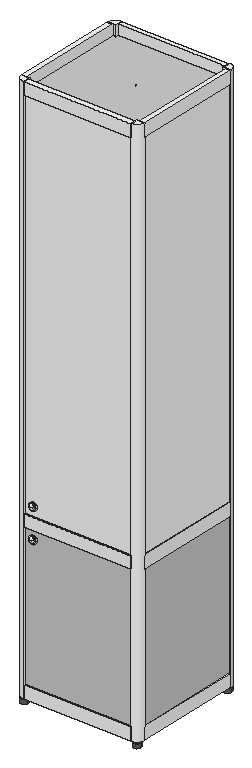
Revit family "Magnuson-Pictor-Showcase_Botto_Case", category Furniture, Revit 2014
Parameters (values of type "VA040K")
  Width = 15 3/4"
  URL = "https://magnusongroup.com/products.html"
  Type Comments = "PICTOR SHOWCASES"  # constant formula
  Shelf Finish = MAG - Glass
  Shelf Depth = Depth - 1 1/4"  # 14 1/2"
  Shelf Array Dist = (Height - 22 3/64" - 1 37/64" + 3/16") / (# of Shelf + 1)  # 12 7/128"
  Light Finish = MAG - Plastic Black
  Light Dist = if(Depth > 20", Depth / 4, Depth / 2)  # 7 7/8"
  Light Array Dist = if(Depth > 20", Depth / 2, 0")  # 0"
  Handle Finish = MAG - Powdercoat White
  Frame Finish = MAG - Powdercoat White
  Salvage or Reuse = yes
  Percentage of Recycled Content = 0
  Model = "VA040K"
  Manufacturer = "MAGNUSON GROUP"  # constant formula
  Low Emitting Material = yes
  Low Emitting Finish = yes
  Keynote = "12500"
  Height = 71 21/32"
  Top Finish = MAG - Aluminum
  Description = "15\"W X 15\"D Showcase"
  Depth = 15 3/4"
  Glides Finish = MAG - Plastic Black
  Top Chasis Finish = MAG - Glass
  Bottom Finish = MAG - Aluminum
  Bottom Chasis Finish = MAG - Aluminum
  Back Handle = if(Depth > 25", 2 > 1, 1 > 2)  # no
  Assembly Code = "E2020200"
  # of Shelf = 3
Types (6): name | Width | Shelf Depth | Light Dist | Light Array Dist | Model | Description | Depth | Back Handle
  (no name) | 15 3/4" | 14 1/2" | 7 7/8" | 0" | "VA040K" | "15\"W X 15\"D Showcase" | 15 3/4" | no
  VA040K | 15 3/4" | 14 1/2" | 7 7/8" | 0" | "VA040K" | "15\"W X 15\"D Showcase" | 15 3/4" | no
  VA050K | 19 11/16" | 18 7/16" | 9 27/32" | 0" | "VA050K" | "15\"W X 20\"D Showcase" | 19 11/16" | no
  VA060K | 15 3/4" | 22 3/8" | 5 29/32" | 11 13/16" | "VA060K" | "15\"W X 31\"D Showcase" | 23 5/8" | no
  VA080K | 15 3/4" | 30 1/4" | 7 7/8" | 15 3/4" | "VA080K" | "15\"W X 31\"D Showcase" | 31 1/2" | yes
  VA0100K | 15 3/4" | 38 1/8" | 9 27/32" | 19 11/16" | "VA0100K" | "15\"W X 40\"D Showcase" | 39 3/8" | yes
Reference planes (in)
  plane 1 "Center Front/Back": y = 0
  plane 2: z = 0
  plane 3 "Center Left/Right": x = 0
  plane 4: x = 15.75
  plane 5: y = -15.75
  plane 6: x = 0.625
  plane 7: x = 15.125
  plane 8: y = -15.125
  plane 9: y = -0.625
  plane 10: x = 1
  plane 11: y = -1
  plane 12: x = 14.75
  plane 13: y = -14.75
  plane 14: z = 0.78125
  plane 15: z = 0.4375
  plane 16: z = 2.35937
  plane 17: z = 71.65625
  plane 18: z = 70.07812
  plane 19: x = 0.17188
  plane 20: x = 15.57813
  plane 21: y = -15.57812
  plane 22: x = 0.35938
  plane 23: y = -15.39063
  plane 24: x = 15.39063
  plane 25: y = -0.625
  plane 26: z = 70.39062
  plane 27: z = 2.04687
  plane 28: z = 23.15857
  plane 29: x = 2.10938
  plane 30: x = 7.875
  plane 31: y = -7.875
  plane 32: y = -0.17187
  plane 33: y = -0.35937
  plane 34: z = 22.04687
  plane 35: z = 20.46875
  plane 36: z = 21.73437
  plane 37: z = 20.78125
  plane 38: z = 19.35937
  plane 39: y = -7.875
  plane 40: z = 70.23437
  plane 41: y = -7.875
  plane 42: z = 33.91406
  plane 43: z = 34.10156
  plane 44: z = 45.96875
  plane 45: z = 46.15625
  plane 46: z = 58.02344
  plane 47: z = 58.21094
Forms (in)
  Extrusion 1, solid, material "MAG - Powdercoat White" <- "Frame Finish"
    sketch origin (0, 0, 0) x (1, 0, 0) y (0, 1, 0)
      loop
        line (1, -1) -> (1, 0)
        arc (1, 0) -> (0.29289, -0.29289) -> (0, -1) r 1
        line (0, -1) -> (1, -1)
    from 0.78125 to 71.65625
  Extrusion 2, solid, material "MAG - Powdercoat White" <- "Frame Finish"
    sketch origin (0, 0, 0) x (1, 0, 0) y (0, 1, 0)
      loop
        line (14.75, 0) -> (14.75, -1) -> (15.75, -1)
        arc (15.75, -1) -> (15.45711, -0.29289) -> (14.75, 0) r 1
    from 0.78125 to 71.65625
  Extrusion 3, solid, material "MAG - Powdercoat White" <- "Frame Finish"
    sketch origin (0, 0, 0) x (1, 0, 0) y (0, 1, 0)
      loop
        line (1, -14.75) -> (0, -14.75)
        arc (0, -14.75) -> (0.29289, -15.45711) -> (1, -15.75) r 1
        line (1, -15.75) -> (1, -14.75)
    from 0.78125 to 71.65625
  Extrusion 4, solid, material "MAG - Powdercoat White" <- "Frame Finish"
    sketch origin (0, 0, 0) x (1, 0, 0) y (0, 1, 0)
      loop
        line (14.75, -14.75) -> (14.75, -15.75)
        arc (14.75, -15.75) -> (15.45711, -15.45711) -> (15.75, -14.75) r 1
        line (15.75, -14.75) -> (14.75, -14.75)
    from 0.78125 to 71.65625
  Extrusion 5, solid, material "MAG - Powdercoat White" <- "Frame Finish"
    sketch origin (0, 0, 0) x (1, 0, 0) y (0, 1, 0)
      loop
        line (1, 0) -> (1, -0.625) -> (14.75, -0.625) -> (14.75, 0) -> (1, 0)
    from 0.78125 to 2.35937
  Extrusion 6, solid, material "MAG - Powdercoat White" <- "Frame Finish"
    sketch origin (0, 0, 0) x (1, 0, 0) y (0, 1, 0)
      loop
        line (0, -1) -> (0, -14.75) -> (0.625, -14.75) -> (0.625, -1) -> (0, -1)
    from 0.78125 to 2.35937
  Extrusion 7, solid, material "MAG - Powdercoat White" <- "Frame Finish"
    sketch origin (0, 0, 0) x (1, 0, 0) y (0, 1, 0)
      loop
        line (15.125, -1) -> (15.125, -14.75) -> (15.75, -14.75) -> (15.75, -1) -> (15.125, -1)
    from 0.78125 to 2.35937
  Extrusion 8, solid, material "MAG - Powdercoat White" <- "Frame Finish"
    sketch origin (0, 0, 0) x (1, 0, 0) y (0, 1, 0)
      loop
        line (14.75, -15.125) -> (1, -15.125) -> (1, -15.75) -> (14.75, -15.75) -> (14.75, -15.125)
    from 0.78125 to 2.35937
  Extrusion 9, solid, material "MAG - Powdercoat White" <- "Frame Finish"
    sketch origin (0, 0, 0) x (1, 0, 0) y (0, 1, 0)
      loop
        line (14.75, 0) -> (1, 0) -> (1, -0.625) -> (14.75, -0.625) -> (14.75, 0)
    from 70.07812 to 71.65625
  Extrusion 10, solid, material "MAG - Powdercoat White" <- "Frame Finish"
    sketch origin (0, 0, 0) x (1, 0, 0) y (0, 1, 0)
      loop
        line (15.125, -1) -> (15.125, -14.75) -> (15.75, -14.75) -> (15.75, -1) -> (15.125, -1)
    from 70.07812 to 71.65625
  Extrusion 11, solid, material "MAG - Powdercoat White" <- "Frame Finish"
    sketch origin (0, 0, 0) x (1, 0, 0) y (0, 1, 0)
      loop
        line (14.75, -15.125) -> (1, -15.125) -> (1, -15.75) -> (14.75, -15.75) -> (14.75, -15.125)
    from 70.07812 to 71.65625
  Extrusion 12, solid, material "MAG - Powdercoat White" <- "Frame Finish"
    sketch origin (0, 0, 0) x (1, 0, 0) y (0, 1, 0)
      loop
        line (0.625, -14.75) -> (0.625, -1) -> (0, -1) -> (0, -14.75) -> (0.625, -14.75)
    from 70.07812 to 71.65625
  Extrusion 13, solid, material "MAG - Glass" <- "Top Chasis Finish"
    sketch origin (0, 0, 0) x (1, 0, 0) y (0, 1, 0)
      loop
        line (14.75, -0.17187) -> (1, -0.17187) -> (1, -0.35937) -> (14.75, -0.35937) -> (14.75, -0.17187)
    from 22.04687 to 70.07812
  Extrusion 14, solid, material "MAG - Glass" <- "Top Chasis Finish"
    sketch origin (0, 0, 0) x (1, 0, 0) y (0, 1, 0)
      loop
        line (15.39063, -1) -> (15.39063, -14.75) -> (15.57813, -14.75) -> (15.57813, -1) -> (15.39063, -1)
    from 22.04687 to 70.07812
  Extrusion 15, solid, material "MAG - Glass" <- "Top Chasis Finish"
    sketch origin (0, 0, 0) x (1, 0, 0) y (0, 1, 0)
      loop
        line (0.17188, -1) -> (0.17188, -14.75) -> (0.35938, -14.75) -> (0.35938, -1) -> (0.17188, -1)
    from 22.04687 to 70.07812
  Extrusion 16, solid, material "MAG - Glass" <- "Top Chasis Finish"
    sketch origin (0, 0, 0) x (1, 0, 0) y (0, 1, 0)
      loop
        line (14.75, -15.39062) -> (1, -15.39062) -> (1, -15.57812) -> (14.75, -15.57812) -> (14.75, -15.39062)
    from 22.04687 to 70.07812
  Extrusion 17, solid, material "MAG - Aluminum" <- "Bottom Finish"
    sketch origin (0, 0, 0) x (1, 0, 0) y (0, 1, 0)
      loop
        line (15.125, -1) -> (14.75, -1) -> (14.75, -0.625) -> (1, -0.625) -> (1, -1) -> (0.625, -1) -> (0.625, -14.75) -> (1, -14.75) -> (1, -15.125) -> (14.75, -15.125) -> (14.75, -14.75) -> (15.125, -14.75) -> (15.125, -1)
    from 2.04687 to 2.35937
  Extrusion 18, solid, material "MAG - Aluminum" <- "Top Finish"
    sketch origin (0, 0, 0) x (1, 0, 0) y (0, 1, 0)
      loop
        line (14.75, -0.625) -> (1, -0.625) -> (1, -1) -> (0.625, -1) -> (0.625, -14.75) -> (1, -14.75) -> (1, -15.125) -> (14.75, -15.125) -> (14.75, -14.75) -> (15.125, -14.75) -> (15.125, -1) -> (14.75, -1) -> (14.75, -0.625)
    from 70.07812 to 70.39062
  Revolve 19, solid, material "MAG - Plastic Black" <- "Glides Finish"
    sketch origin (60, -0.625, 48) x (1, 0, 0) y (0, 0, 1)
      loop
        line (-59.375, -47.21875) -> (-59.375, -48) -> (-58.92187, -48) -> (-58.92187, -47.5625) -> (-59.21875, -47.5625) -> (-59.21875, -47.21875) -> (-59.375, -47.21875)
      axis (-59.375, -47.21875) -> (-59.375, -48)
    angle from 0 to 360
  Revolve 20, solid, material "MAG - Plastic Black" <- "Glides Finish"
    sketch origin (60, -0.625, 48) x (1, 0, 0) y (0, 0, 1)
      loop
        line (-44.875, -47.21875) -> (-44.875, -48) -> (-44.42187, -48) -> (-44.42187, -47.5625) -> (-44.71875, -47.5625) -> (-44.71875, -47.21875) -> (-44.875, -47.21875)
      axis (-44.875, -47.21875) -> (-44.875, -48)
    angle from 0 to 360
  Revolve 21, solid, material "MAG - Plastic Black" <- "Glides Finish"
    sketch origin (60, -15.125, 48) x (1, 0, 0) y (0, 0, 1)
      loop
        line (-59.375, -47.21875) -> (-59.375, -48) -> (-58.92187, -48) -> (-58.92187, -47.5625) -> (-59.21875, -47.5625) -> (-59.21875, -47.21875) -> (-59.375, -47.21875)
      axis (-59.375, -47.21875) -> (-59.375, -48)
    angle from 0 to 360
  Revolve 22, solid, material "MAG - Plastic Black" <- "Glides Finish"
    sketch origin (60, -15.125, 48) x (1, 0, 0) y (0, 0, 1)
      loop
        line (-44.875, -47.21875) -> (-44.875, -48) -> (-44.42187, -48) -> (-44.42187, -47.5625) -> (-44.71875, -47.5625) -> (-44.71875, -47.21875) -> (-44.875, -47.21875)
      axis (-44.875, -47.21875) -> (-44.875, -48)
    angle from 0 to 360
  Revolve 23, solid, material "MAG - Powdercoat White" <- "Handle Finish"
    sketch origin (-60.54339, -180, 23.15857) x (-1, 0, 0) y (0, -1, 0)
      loop
        line (-62.65277, -164.42188) -> (-62.65277, -164.15825)
        arc (-62.65277, -164.15825) -> (-62.82892, -164.17269) -> (-62.99652, -164.22878) r 0.73467
        line (-62.99652, -164.22878) -> (-62.99652, -164.29688) -> (-63.12152, -164.29688) -> (-63.12152, -164.42188) -> (-62.65277, -164.42188)
      axis (-62.65277, -164.42188) -> (-62.65277, -164.15825)
    angle from 0 to 360
  Revolve 24, solid, material "MAG - Powdercoat White" <- "Handle Finish", visible <- "Back Handle"
    sketch origin (-60.54339, 164.51563, 23.15857) x (-1, 0, 0) y (0, -1, 0)
      loop
        line (-62.65277, 164.6875) -> (-63.12152, 164.6875) -> (-63.12152, 164.5625) -> (-62.99652, 164.5625) -> (-62.99652, 164.49441)
        arc (-62.99652, 164.49441) -> (-62.82892, 164.43832) -> (-62.65277, 164.42387) r 0.73467
        line (-62.65277, 164.42387) -> (-62.65277, 164.6875)
      axis (-62.65277, 164.42387) -> (-62.65277, 164.6875)
    angle from 0 to 360
  Extrusion 25, solid, material "MAG - Powdercoat White" <- "Frame Finish"
    sketch origin (-60.54339, -180, 23.15857) x (-1, 0, 0) y (0, -1, 0)
      loop
        line (-75.29339, -180) -> (-61.54339, -180) -> (-61.54339, -179.375) -> (-75.29339, -179.375) -> (-75.29339, -180)
    from -2.68982 to -1.11169
  Extrusion 26, solid, material "MAG - Powdercoat White" <- "Frame Finish"
    sketch origin (-60.54339, -180, 23.15857) x (-1, 0, 0) y (0, -1, 0)
      loop
        line (-60.54339, -179) -> (-60.54339, -165.25) -> (-61.16839, -165.25) -> (-61.16839, -179) -> (-60.54339, -179)
    from -2.68982 to -1.11169
  Extrusion 27, solid, material "MAG - Powdercoat White" <- "Frame Finish"
    sketch origin (-60.54339, -180, 23.15857) x (-1, 0, 0) y (0, -1, 0)
      loop
        line (-61.54339, -164.25) -> (-75.29339, -164.25) -> (-75.29339, -164.875) -> (-61.54339, -164.875) -> (-61.54339, -164.25)
    from -2.68982 to -1.11169
  Extrusion 28, solid, material "MAG - Powdercoat White" <- "Frame Finish"
    sketch origin (-60.54339, -180, 23.15857) x (-1, 0, 0) y (0, -1, 0)
      loop
        line (-76.29339, -165.25) -> (-76.29339, -179) -> (-75.66839, -179) -> (-75.66839, -165.25) -> (-76.29339, -165.25)
    from -2.68982 to -1.11169
  Extrusion 29, solid, material "MAG - Aluminum" <- "Bottom Chasis Finish"
    sketch origin (-60.54339, -180, 23.15857) x (-1, 0, 0) y (0, -1, 0)
      loop
        line (-75.29339, -179.82813) -> (-61.54339, -179.82813) -> (-61.54339, -179.64063) -> (-75.29339, -179.64063) -> (-75.29339, -179.82813)
    from -20.79919 to -2.68982
  Extrusion 30, solid, material "MAG - Aluminum" <- "Bottom Chasis Finish"
    sketch origin (-60.54339, -180, 23.15857) x (-1, 0, 0) y (0, -1, 0)
      loop
        line (-75.93402, -179) -> (-75.93402, -165.25) -> (-76.12152, -165.25) -> (-76.12152, -179) -> (-75.93402, -179)
    from -20.79919 to -2.68982
  Extrusion 31, solid, material "MAG - Aluminum" <- "Bottom Chasis Finish"
    sketch origin (-60.54339, -180, 23.15857) x (-1, 0, 0) y (0, -1, 0)
      loop
        line (-75.29339, -164.60938) -> (-61.54339, -164.60938) -> (-61.54339, -164.42188) -> (-75.29339, -164.42188) -> (-75.29339, -164.60938)
    from -20.79919 to -2.68982
  Extrusion 32, solid, material "MAG - Aluminum" <- "Bottom Chasis Finish"
    sketch origin (-60.54339, -180, 23.15857) x (-1, 0, 0) y (0, -1, 0)
      loop
        line (-60.71527, -179) -> (-60.71527, -165.25) -> (-60.90277, -165.25) -> (-60.90277, -179) -> (-60.71527, -179)
    from -20.79919 to -2.68982
  Extrusion 33, solid, material "MAG - Aluminum" <- "Bottom Chasis Finish"
    sketch origin (-60.54339, -180, 23.15857) x (-1, 0, 0) y (0, -1, 0)
      loop
        line (-75.29339, -179.375) -> (-61.54339, -179.375) -> (-61.54339, -179) -> (-61.16839, -179) -> (-61.16839, -165.25) -> (-61.54339, -165.25) -> (-61.54339, -164.875) -> (-75.29339, -164.875) -> (-75.29339, -165.25) -> (-75.66839, -165.25) -> (-75.66839, -179) -> (-75.29339, -179) -> (-75.29339, -179.375)
    from -2.68982 to -2.37732
  Extrusion 34, solid, material "MAG - Aluminum" <- "Bottom Chasis Finish"
    sketch origin (-60.54339, -180, 23.15857) x (-1, 0, 0) y (0, -1, 0)
      loop
        line (-75.29339, -179.375) -> (-61.54339, -179.375) -> (-61.54339, -179) -> (-61.16839, -179) -> (-61.16839, -165.25) -> (-61.54339, -165.25) -> (-61.54339, -164.875) -> (-75.29339, -164.875) -> (-75.29339, -165.25) -> (-75.66839, -165.25) -> (-75.66839, -179) -> (-75.29339, -179) -> (-75.29339, -179.375)
    from -1.42419 to -1.11169
  Revolve 35, solid, material "MAG - Powdercoat White" <- "Handle Finish"
    sketch origin (-60.54339, -180, 19.35937) x (-1, 0, 0) y (0, -1, 0)
      loop
        line (-62.65277, -164.42188) -> (-62.65277, -164.15572)
        arc (-62.65277, -164.15572) -> (-62.82905, -164.1715) -> (-62.99652, -164.22878) r 0.73827
        line (-62.99652, -164.22878) -> (-62.99652, -164.29688) -> (-63.12152, -164.29688) -> (-63.12152, -164.42188) -> (-62.65277, -164.42188)
      axis (-62.65277, -164.42188) -> (-62.65277, -164.15572)
    angle from 0 to 360
  Revolve 36, solid, material "MAG - Powdercoat White" <- "Handle Finish", visible <- "Back Handle"
    sketch origin (-60.54339, 164.25, 19.35937) x (-1, 0, 0) y (0, -1, 0)
      loop
        line (-62.65277, 164.42188) -> (-63.12152, 164.42188) -> (-63.12152, 164.29688) -> (-62.99652, 164.29688) -> (-62.99652, 164.22878)
        arc (-62.99652, 164.22878) -> (-62.82905, 164.1715) -> (-62.65277, 164.15572) r 0.73827
        line (-62.65277, 164.15572) -> (-62.65277, 164.42188)
      axis (-62.65277, 164.15572) -> (-62.65277, 164.42188)
    angle from 0 to 360
  Extrusion 37, void
    sketch origin (-60.54339, -180, 19.35937) x (-1, 0, 0) y (0, -1, 0)
      loop
        circle (-68.41839, -172.125) r 1
    from 50.71875 to 50.875
  Extrusion 38, solid, material "MAG - Plastic Black" <- "Light Finish"
    sketch origin (-60.54339, -180, 19.35937) x (-1, 0, 0) y (0, -1, 0)
      loop
        circle (-68.41839, -172.125) r 1
      loop
        circle (-68.41839, -172.125) r 0.57813
    from 50.71875 to 50.875
  Extrusion 39, solid, material "MAG - Plastic Black" <- "Light Finish"
    sketch origin (-60.54339, -182.5, 19.35937) x (-1, 0, 0) y (0, -1, 0)
      loop
        circle (-68.41839, -174.625) r 1
      loop
        circle (-68.41839, -174.625) r 0.57813
    from 50.71875 to 50.875
  Extrusion 40, solid, material "MAG - Glass" <- "Shelf Finish"
    sketch origin (-60.54339, -180, 19.35937) x (-1, 0, 0) y (0, -1, 0)
      loop
        line (-60.90277, -179) -> (-60.90277, -165.25) -> (-61.54339, -165.25) -> (-61.54339, -164.875) -> (-75.29339, -164.875) -> (-75.29339, -165.25) -> (-75.93402, -165.25) -> (-75.93402, -179) -> (-75.29339, -179) -> (-75.29339, -179.375) -> (-61.54339, -179.375) -> (-61.54339, -179) -> (-60.90277, -179)
    from 14.55469 to 14.74219
  Extrusion 41, solid, material "MAG - Glass" <- "Shelf Finish"
    sketch origin (-60.54339, -180, 19.35937) x (-1, 0, 0) y (0, -1, 0)
      loop
        line (-60.90277, -179) -> (-60.90277, -165.25) -> (-61.54339, -165.25) -> (-61.54339, -164.875) -> (-75.29339, -164.875) -> (-75.29339, -165.25) -> (-75.93402, -165.25) -> (-75.93402, -179) -> (-75.29339, -179) -> (-75.29339, -179.375) -> (-61.54339, -179.375) -> (-61.54339, -179) -> (-60.90277, -179)
    from 26.60937 to 26.79687
  Extrusion 42, solid, material "MAG - Glass" <- "Shelf Finish"
    sketch origin (-60.54339, -180, 19.35937) x (-1, 0, 0) y (0, -1, 0)
      loop
        line (-60.90277, -179) -> (-60.90277, -165.25) -> (-61.54339, -165.25) -> (-61.54339, -164.875) -> (-75.29339, -164.875) -> (-75.29339, -165.25) -> (-75.93402, -165.25) -> (-75.93402, -179) -> (-75.29339, -179) -> (-75.29339, -179.375) -> (-61.54339, -179.375) -> (-61.54339, -179) -> (-60.90277, -179)
    from 38.66406 to 38.85156
Cuts and joins
  Extrusion 37 cuts Extrusion 18
Lines and regions (in)
  symbolic lines
    curve 1: line (14.75, 0, 23.15857) -> (1, 0, 23.15857)
    curve 2: line (15.75, -1, 23.15857) -> (15.75, -14.75, 23.15857)
    curve 3: line (0, -1, 23.15857) -> (0, -14.75, 23.15857)
    curve 4: line (14.75, -15.75, 23.15857) -> (1, -15.75, 23.15857)
    curve 5: arc (0, -14.75, 23.15857) -> (0.29289, -15.45711, 23.15857) -> (1, -15.75, 23.15857) r 1
    curve 6: arc (14.75, -15.75, 23.15857) -> (15.45711, -15.45711, 23.15857) -> (15.75, -14.75, 23.15857) r 1
    curve 7: arc (15.75, -1, 23.15857) -> (15.45711, -0.29289, 23.15857) -> (14.75, 0, 23.15857) r 1
    curve 8: arc (0, -1, 23.15857) -> (0.29289, -0.29289, 23.15857) -> (1, 0, 23.15857) r 1
    curve 9: line (14.75, -0.625, 23.15857) -> (1, -0.625, 23.15857)
    curve 10: line (1, -0.625, 23.15857) -> (1, -1, 23.15857)
    curve 11: line (1, -1, 23.15857) -> (0.625, -1, 23.15857)
    curve 12: line (0.625, -1, 23.15857) -> (0.625, -14.75, 23.15857)
    curve 13: line (0.625, -14.75, 23.15857) -> (1, -14.75, 23.15857)
    curve 14: line (1, -14.75, 23.15857) -> (1, -15.125, 23.15857)
    curve 15: line (1, -15.125, 23.15857) -> (14.75, -15.125, 23.15857)
    curve 16: line (14.75, -15.125, 23.15857) -> (14.75, -14.75, 23.15857)
    curve 17: line (14.75, -14.75, 23.15857) -> (15.125, -14.75, 23.15857)
    curve 18: line (15.125, -14.75, 23.15857) -> (15.125, -1, 23.15857)
    curve 19: line (15.125, -1, 23.15857) -> (14.75, -1, 23.15857)
    curve 20: line (14.75, -1, 23.15857) -> (14.75, -0.625, 23.15857)
Dimensions and locks (in)
  plane 3 "Center Left/Right" to plane 19 to plane 22 to plane 6 to plane 10 = 11/64" locked, 3/16" locked, 17/64" locked, 3/8" locked
  plane 12 to plane 7 to plane 24 to plane 20 to plane 4 = 3/8" locked, 17/64" locked, 3/16" locked, 11/64" locked
  plane 5 to plane 21 to plane 23 to plane 8 to plane 13 = 11/64" locked, 3/16" locked, 17/64" locked, 3/8" locked
  plane 17 to plane 26 to plane 18 = 1 17/64" locked, 5/16" locked
  plane 16 to plane 27 to plane 14 to plane 15 to plane 2 = 5/16" locked, 1 17/64" locked, 11/32" locked, 7/16" locked
  "Height": plane 17 to plane 2
  "Width": plane 3 "Center Left/Right" to plane 4
  "Depth": plane 5 to plane 1 "Center Front/Back"
  Revolve 19 sketch curve to Revolve 19 sketch curve to Revolve 19 sketch curve = 5/32" locked, 19/64" locked
  Revolve 20 sketch curve to Revolve 20 sketch curve to Revolve 20 sketch curve = 5/32" locked, 19/64" locked
  Revolve 22 sketch curve to Revolve 22 sketch curve to Revolve 22 sketch curve = 5/32" locked, 19/64" locked
  Revolve 23 sketch curve to Revolve 23 sketch curve to Revolve 23 sketch curve = 11/32" locked, 1/8" locked
  Revolve 23 sketch curve to Revolve 23 sketch curve to Revolve 23 sketch curve to Revolve 23 sketch curve = 1/8" locked, 0.06809" locked, 0.07053" locked
  equal spacing: plane 3 "Center Left/Right", plane 30, plane 4
  equal spacing: plane 5, plane 31, plane 1 "Center Front/Back"
  plane 11 to plane 25 to plane 33 to plane 32 to plane 1 "Center Front/Back" = 3/8" locked, 17/64" locked, 3/16" locked, 11/64" locked
  Revolve 24 sketch curve to Revolve 24 sketch curve to Revolve 24 sketch curve to Revolve 24 sketch curve = 0.07053" locked, 0.06809" locked, 1/8" locked
  plane 29 to Revolve 24 sketch curve to Revolve 24 sketch curve = 11/32" locked, 1/8" locked
  Extrusion 4 to Extrusion 30 = 53/64"
  plane 28 to plane 34 to plane 36 to plane 37 to plane 35 to plane 38 = 1.11169" locked, 5/16" locked, 61/64" locked, 5/16" locked, 1 7/64" locked
  locked: plane 34 to plane 16 at 19.6875
  Revolve 35 sketch curve to Revolve 35 sketch curve to Revolve 35 sketch curve to Revolve 35 sketch curve = 1/8" locked, 0.06809" locked, 0.07307" locked
  Revolve 36 sketch curve to Revolve 36 sketch curve to Revolve 36 sketch curve = 11/32" locked, 1/8" locked
  Revolve 36 sketch curve to Revolve 36 sketch curve to Revolve 36 sketch curve to Revolve 36 sketch curve = 0.07307" locked, 0.06809" locked, 1/8" locked
  Revolve 35 sketch curve to Revolve 35 sketch curve to Revolve 35 sketch curve = 11/32" locked, 1/8" locked
  locked: plane 40 to plane 18 at 0.15625
  plane 39 to Extrusion 38 sketch curve to Extrusion 38 sketch curve = 37/64" locked, 27/64" locked
  plane 41 to Extrusion 39 sketch curve to Extrusion 39 sketch curve = 37/64" locked, 27/64" locked
  "Light Dist": plane 39 to plane 1 "Center Front/Back"
  "Light Array Dist": plane 41 to plane 39
  locked: plane 43 to plane 42 at 0.1875
  locked: plane 45 to plane 44 at 0.1875
  locked: plane 47 to plane 46 at 0.1875
  "Shelf Array Dist": plane 43 to plane 34
  "Shelf Array Dist": plane 45 to plane 43
  "Shelf Array Dist": plane 47 to plane 45
  radius of Extrusion 1 sketch curve = 1"
  radius of Extrusion 2 sketch curve = 1"
  radius of Extrusion 3 sketch curve = 1"
  radius of Extrusion 4 sketch curve = 1"
  radius of Revolve 23 sketch curve = 0.73467"
  radius of Revolve 24 sketch curve = 0.73467"
  radius of curve 5 = 1"
  radius of curve 6 = 1"
  radius of curve 7 = 1"
  radius of curve 8 = 1"
  radius of Extrusion 37 sketch curve = 1"
  radius of Extrusion 38 sketch curve = 1"
  radius of Extrusion 38 sketch curve = 37/64"
  radius of Extrusion 39 sketch curve = 1"
  radius of Extrusion 39 sketch curve = 37/64"
  aligned and locked: level to plane 2
  aligned and locked: Extrusion 1 sketch curve to plane 11
  aligned and locked: Extrusion 1 sketch curve to plane 10
  aligned and locked: Extrusion 2 sketch curve to plane 12
  aligned and locked: Extrusion 2 sketch curve to plane 11
  aligned and locked: Extrusion 3 sketch curve to plane 13
  aligned and locked: Extrusion 3 sketch curve to plane 10
  aligned and locked: Extrusion 4 sketch curve to plane 12
  aligned and locked: Extrusion 4 sketch curve to plane 13
  aligned and locked: Extrusion 1 to plane 14
  aligned and locked: Extrusion 3 to plane 14
  aligned and locked: Extrusion 2 to plane 14
  aligned and locked: Extrusion 4 to plane 14
  aligned and locked: plane 17 to Extrusion 3
  aligned and locked: plane 17 to Extrusion 4
  aligned and locked: plane 17 to Extrusion 2
  aligned and locked: plane 17 to Extrusion 1
  aligned and locked: Extrusion 5 sketch curve to plane 10
  aligned and locked: Extrusion 5 sketch curve to plane 12
  aligned and locked: Extrusion 5 sketch curve to plane 9
  aligned and locked: Extrusion 5 sketch curve to plane 1 "Center Front/Back"
  aligned and locked: Extrusion 6 sketch curve to plane 3 "Center Left/Right"
  aligned and locked: Extrusion 6 sketch curve to plane 6
  aligned and locked: Extrusion 6 sketch curve to plane 11
  aligned and locked: Extrusion 6 sketch curve to plane 13
  aligned and locked: Extrusion 7 sketch curve to plane 7
  aligned and locked: Extrusion 7 sketch curve to plane 4
  aligned and locked: Extrusion 7 sketch curve to plane 11
  aligned and locked: Extrusion 7 sketch curve to plane 13
  aligned and locked: Extrusion 8 sketch curve to plane 8
  aligned and locked: Extrusion 8 sketch curve to plane 5
  aligned and locked: Extrusion 8 sketch curve to plane 10
  aligned and locked: Extrusion 8 sketch curve to plane 12
  aligned and locked: Extrusion 8 to plane 14
  aligned and locked: Extrusion 5 to plane 14
  aligned and locked: Extrusion 6 to plane 14
  aligned and locked: Extrusion 7 to plane 14
  aligned and locked: plane 16 to Extrusion 8
  aligned and locked: plane 16 to Extrusion 5
  aligned and locked: plane 16 to Extrusion 7
  aligned and locked: plane 16 to Extrusion 6
  aligned and locked: Extrusion 9 sketch curve to Extrusion 5  (x4)
  aligned and locked: Extrusion 10 sketch curve to Extrusion 7  (x4)
  aligned and locked: Extrusion 11 sketch curve to Extrusion 8  (x4)
  aligned and locked: Extrusion 12 sketch curve to Extrusion 6  (x4)
  aligned and locked: plane 17 to Extrusion 9
  aligned and locked: plane 17 to Extrusion 11
  aligned and locked: Extrusion 9 to plane 18
  aligned and locked: Extrusion 11 to plane 18
  aligned and locked: plane 17 to Extrusion 12
  aligned and locked: Extrusion 12 to plane 18
  aligned and locked: plane 17 to Extrusion 10
  aligned and locked: Extrusion 10 to plane 18
  aligned and locked: Extrusion 13 sketch curve to plane 10
  aligned and locked: Extrusion 13 sketch curve to plane 12
  aligned and locked: Extrusion 14 sketch curve to plane 24
  aligned and locked: Extrusion 14 sketch curve to plane 20
  aligned and locked: Extrusion 14 sketch curve to plane 11
  aligned and locked: Extrusion 14 sketch curve to plane 13
  aligned and locked: Extrusion 15 sketch curve to plane 19
  aligned and locked: Extrusion 15 sketch curve to plane 22
  aligned and locked: Extrusion 15 sketch curve to plane 11
  aligned and locked: Extrusion 15 sketch curve to plane 13
  aligned and locked: Extrusion 16 sketch curve to plane 23
  aligned and locked: Extrusion 16 sketch curve to plane 21
  aligned and locked: Extrusion 16 sketch curve to plane 10
  aligned and locked: Extrusion 16 sketch curve to plane 12
  aligned and locked: plane 18 to Extrusion 16
  aligned and locked: plane 18 to Extrusion 14
  aligned and locked: plane 18 to Extrusion 15
  aligned and locked: Extrusion 17 sketch curve to plane 11
  aligned and locked: Extrusion 17 sketch curve to plane 10
  aligned and locked: Extrusion 17 sketch curve to plane 12
  aligned and locked: Extrusion 17 sketch curve to plane 13
  aligned and locked: Extrusion 17 to plane 27
  aligned and locked: plane 16 to Extrusion 17
  aligned and locked: Extrusion 18 sketch curve to Extrusion 17  (x12)
  aligned and locked: plane 26 to Extrusion 18
  aligned and locked: Extrusion 18 to plane 18
  aligned and locked: Revolve 19 sketch curve to plane 15
  aligned and locked: Revolve 19 sketch curve to plane 2
  aligned and locked: Revolve 19 sketch curve to plane 14
  aligned and locked: Revolve 19 sketch curve to plane 6  (x2)
  aligned and locked: Revolve 20 sketch curve to plane 7  (x2)
  aligned and locked: Revolve 20 sketch curve to plane 14
  aligned and locked: Revolve 20 sketch curve to plane 15
  aligned and locked: Revolve 20 sketch curve to plane 2
  aligned and locked: Revolve 21 sketch curve to plane 6  (x2)
  aligned and locked: Revolve 21 sketch curve to plane 14
  aligned and locked: Revolve 21 sketch curve to plane 15
  aligned and locked: Revolve 21 sketch curve to level
  aligned and locked: Revolve 22 sketch curve to plane 7  (x2)
  aligned and locked: Revolve 22 sketch curve to plane 14
  aligned and locked: Revolve 22 sketch curve to plane 15
  aligned and locked: Revolve 22 sketch curve to plane 2
  aligned and locked: Revolve 23 sketch curve to plane 29  (x2)
  aligned and locked: Revolve 23 sketch curve to plane 21
  aligned and locked: plane 33 to Extrusion 13
  aligned and locked: plane 29 to Revolve 24 sketch curve
  aligned and locked: Revolve 24 sketch curve to plane 32
  aligned and locked: Revolve 24 sketch curve to plane 29
  aligned and locked: curve 1 to plane 1 "Center Front/Back"
  aligned and locked: curve 2 to plane 4
  aligned and locked: curve 3 to plane 3 "Center Left/Right"
  aligned and locked: curve 4 to plane 5
  aligned and locked: curve 9 to Extrusion 18
  aligned and locked: curve 10 to Extrusion 18
  aligned and locked: curve 11 to Extrusion 18
  aligned and locked: curve 12 to Extrusion 18
  aligned and locked: curve 13 to Extrusion 18
  aligned and locked: curve 14 to Extrusion 18
  aligned and locked: curve 15 to Extrusion 18
  aligned and locked: curve 16 to Extrusion 18
  aligned and locked: curve 17 to Extrusion 18
  aligned and locked: curve 18 to Extrusion 18
  aligned and locked: curve 19 to Extrusion 18
  aligned and locked: curve 20 to Extrusion 18
  aligned and locked: Extrusion 25 sketch curve to Extrusion 9  (x4)
  aligned and locked: Extrusion 26 sketch curve to Extrusion 12  (x4)
  aligned and locked: Extrusion 27 sketch curve to Extrusion 11  (x4)
  aligned and locked: Extrusion 28 sketch curve to Extrusion 10  (x4)
  aligned and locked: plane 34 to Extrusion 25
  aligned and locked: plane 34 to Extrusion 27
  aligned and locked: Extrusion 27 to plane 35
  aligned and locked: Extrusion 25 to plane 35
  aligned and locked: plane 34 to Extrusion 28
  aligned and locked: Extrusion 28 to plane 35
  aligned and locked: plane 34 to Extrusion 26
  aligned and locked: Extrusion 26 to plane 35
  aligned and locked: Extrusion 16 to plane 34
  aligned and locked: Extrusion 13 to plane 34
  aligned and locked: Extrusion 14 to plane 34
  aligned and locked: Extrusion 15 to plane 34
  aligned and locked: Extrusion 29 sketch curve to Extrusion 13  (x4)
  aligned and locked: Extrusion 30 sketch curve to Extrusion 14  (x4)
  aligned and locked: Extrusion 31 sketch curve to Extrusion 16  (x4)
  aligned and locked: Extrusion 32 sketch curve to Extrusion 15  (x4)
  aligned and locked: plane 35 to Extrusion 30
  aligned and locked: plane 35 to Extrusion 32
  aligned and locked: Extrusion 30 to plane 16
  aligned and locked: Extrusion 32 to plane 16
  aligned and locked: plane 35 to Extrusion 29
  aligned and locked: plane 35 to Extrusion 31
  aligned and locked: Extrusion 29 to plane 16
  aligned and locked: Extrusion 31 to plane 16
  aligned and locked: Extrusion 33 sketch curve to curve 9
  aligned and locked: Extrusion 33 sketch curve to curve 10
  aligned and locked: Extrusion 33 sketch curve to curve 11
  aligned and locked: Extrusion 33 sketch curve to curve 12
  aligned and locked: Extrusion 33 sketch curve to curve 13
  aligned and locked: Extrusion 33 sketch curve to curve 14
  aligned and locked: Extrusion 33 sketch curve to curve 15
  aligned and locked: Extrusion 33 sketch curve to curve 16
  aligned and locked: Extrusion 33 sketch curve to curve 17
  aligned and locked: Extrusion 33 sketch curve to curve 18
  aligned and locked: Extrusion 33 sketch curve to curve 19
  aligned and locked: Extrusion 33 sketch curve to curve 20
  aligned and locked: plane 37 to Extrusion 33
  aligned and locked: Extrusion 33 to plane 35
  aligned and locked: Extrusion 34 sketch curve to curve 9
  aligned and locked: Extrusion 34 sketch curve to curve 10
  aligned and locked: Extrusion 34 sketch curve to curve 11
  aligned and locked: Extrusion 34 sketch curve to curve 12
  aligned and locked: Extrusion 34 sketch curve to curve 13
  aligned and locked: Extrusion 34 sketch curve to curve 14
  aligned and locked: Extrusion 34 sketch curve to curve 15
  aligned and locked: Extrusion 34 sketch curve to curve 16
  aligned and locked: Extrusion 34 sketch curve to curve 17
  aligned and locked: Extrusion 34 sketch curve to curve 18
  aligned and locked: Extrusion 34 sketch curve to curve 19
  aligned and locked: Extrusion 34 sketch curve to curve 20
  aligned and locked: plane 34 to Extrusion 34
  aligned and locked: Extrusion 34 to plane 36
  aligned and locked: plane 18 to Extrusion 13
  aligned and locked: Revolve 35 sketch curve to plane 29  (x2)
  aligned and locked: Revolve 35 sketch curve to Revolve 23
  aligned and locked: plane 29 to Revolve 36 sketch curve
  aligned and locked: Revolve 36 sketch curve to plane 32
  aligned and locked: Revolve 36 sketch curve to plane 29
  aligned and locked: plane 40 to Extrusion 37
  aligned and locked: Extrusion 37 to plane 18
  aligned and locked: plane 40 to Extrusion 38
  aligned and locked: Extrusion 38 to plane 18
  aligned and locked: Extrusion 40 sketch curve to plane 22
  aligned and locked: Extrusion 40 sketch curve to plane 24
  aligned and locked: Extrusion 40 sketch curve to plane 25
  aligned and locked: Extrusion 40 sketch curve to plane 8
  aligned and locked: Extrusion 40 sketch curve to plane 11  (x2)
  aligned and locked: Extrusion 40 sketch curve to plane 10  (x2)
  aligned and locked: Extrusion 40 sketch curve to plane 12  (x2)
  aligned and locked: Extrusion 40 sketch curve to plane 13  (x2)
  aligned and locked: plane 43 to Extrusion 40
  aligned and locked: Extrusion 40 to plane 42
  aligned and locked: Extrusion 41 sketch curve to Extrusion 40  (x12)
  aligned and locked: Extrusion 42 sketch curve to Extrusion 40  (x12)
  aligned and locked: plane 47 to Extrusion 42
  aligned and locked: Extrusion 42 to plane 46
  aligned and locked: plane 45 to Extrusion 41
  aligned and locked: Extrusion 41 to plane 44
Automatic sketch dimensions
  Revolve 23 sketch curve to plane 1 "Center Front/Back" = 36.73742"
  Revolve 23 sketch curve to Revolve 23 sketch curve = 26.67838"
  Revolve 24 sketch curve to Revolve 24 sketch curve = 36.64567"
  plane 5 to Revolve 24 sketch curve = 26.77013"
  Revolve 35 sketch curve to plane 8 = 0.01864"
  Revolve 35 sketch curve to plane 1 "Center Front/Back" = 36.73742"
  Revolve 35 sketch curve to Revolve 35 sketch curve = 26.41022"
  plane 9 to Revolve 36 sketch curve = 0.01864"
  Revolve 36 sketch curve to Revolve 36 sketch curve = 36.64314"
  plane 5 to Revolve 36 sketch curve = 26.50451"
  Extrusion 37 sketch curve to plane 30 = 0"
  plane 39 to Extrusion 37 sketch curve = 0"
  Extrusion 38 sketch curve to Extrusion 38 sketch curve = 0"
  Extrusion 38 sketch curve to plane 30 = 0"
  Extrusion 39 sketch curve to Extrusion 39 sketch curve = 0"
  Extrusion 39 sketch curve to plane 30 = 0"
  Extrusion 7 sketch curve to plane 7 = 0"
  plane 33 to Extrusion 13 sketch curve = 0"
  plane 32 to Extrusion 13 sketch curve = 0"
  Extrusion 17 sketch curve to plane 6 = 0"
  Extrusion 17 sketch curve to plane 10 = 0"
  plane 8 to Extrusion 17 sketch curve = 0"
  Extrusion 17 sketch curve to plane 12 = 0"
  Extrusion 17 sketch curve to plane 7 = 0"
  plane 13 to Extrusion 17 sketch curve = 0"
  plane 11 to Extrusion 17 sketch curve = 0"
  plane 9 to Extrusion 17 sketch curve = 0"
  Revolve 19 sketch curve to level = 12"
  plane 17 to Revolve 19 sketch curve = 24 11/32"
  Revolve 20 sketch curve to level = 12"
  plane 17 to Revolve 20 sketch curve = 24 11/32"
  plane 6 to Revolve 21 sketch curve = 5/32"
  plane 10 to Revolve 21 sketch curve = 5/64"
  Revolve 21 sketch curve to Revolve 21 sketch curve = 12"
  plane 17 to Revolve 21 sketch curve = 24 11/32"
  Revolve 22 sketch curve to level = 12"
  plane 17 to Revolve 22 sketch curve = 24 11/32"
